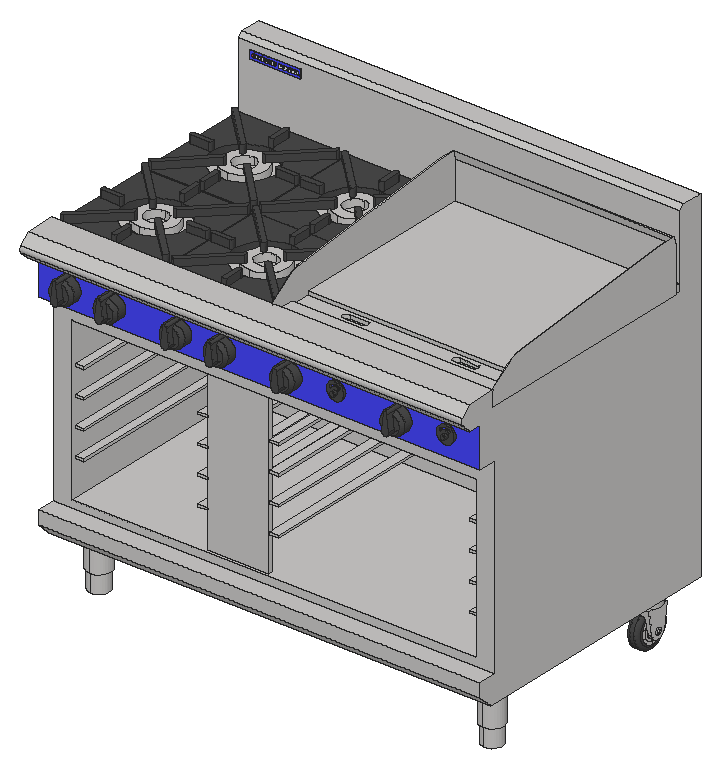
Revit family "QF_MOFFAT_BLUESEAL_CE_G518B-CB", category Specialty Equipment, Revit 2012
Parameters
  Weight in Pounds = 435  # constant formula
  URL Cutsheet = "www.moffat.com"
  URL = "www.moffat.com"
  Type Mark [instance] = ""
  Status [instance] = ""
  Specification by User [instance] = ""
  Specification by Manufacturer = ""
  Show Logo [instance] = yes
  Show Casters [instance] = yes
  Serial Number = ""
  Seismic Rating = ""
  SMACNA No = ""
  Revision Code [instance] = ""
  Omniclass Number and Title = ""
  NAFEM Spec ID Number = ""
  Model = "G518B-CB"
  Mechanical Remarks [instance] = ""
  Mechanical Connection Type [instance] = ""
  Masterspec = ""
  Manufacturer = "MOFFAT BLUESEAL"
  Legs [instance] = not(Show Casters)  # no
  Item Number [instance] = ""
  Installed By [instance] = ""
  Identify Quantity as Lot [instance] = yes
  Gas Size = 3/4"
  Gas RI Height [instance] = 0.0 mm
  Gas KW [instance] = 40
  Gas Input [instance] = 137000.0 Btu/h
  Gas Connection Height = 0.0 mm
  Furnished By [instance] = ""
  Foodservice Equipment Identifier [instance] = yes
  Description = "1200MM GAS COOK TOP ON CABINET BASE"
  CSI MasterFormat = ""
  CSI Master Format = ""
  Body Height [instance] = 915.0 mm
  Base Height [instance] = 150.0 mm
Reference planes
  plane 1 "BACK": y = 0
  plane 2: z = 0
  plane 3 "LEFT": x = 0
  plane 4 "RIGHT": x = 1200
  plane 5 "FRONT": y = -812
  plane 6 "TOP": z = 970
  plane 7 "Center Y": x = 600
  plane 8 "Center X": y = -406
  plane 9 "Base Height": z = 150
  plane 10: x = 1134
  plane 11: x = 65
  plane 12: z = 915
  plane 13: z = 1085
  plane 14: y = -100
  plane 15: y = -625
Forms (mm)
  Extrusion 1, solid, material "QF_Finishes_Stainless Steel"
    sketch origin (0, 0, 0) x (0, 1, 0) y (0, 0, 1)
      loop
        line (0, 150) -> (0, 1085) -> (-57.5, 1085) -> (-70, 1072.5) -> (-70, 875) -> (-705, 875) -> (-705, 915) -> (-783.97, 915) -> (-808.485, 890.485)
        arc (-808.485, 890.485) -> (-811.999, 882) -> (-808.485, 873.515) r 12
        line (-808.485, 873.515) -> (-784.97, 850) -> (-749, 850) -> (-749, 740) -> (-135.7, 740) -> (-135.7, 150) -> (0, 150)
      loop
        line (-699, 222.5) -> (-749, 222.5) -> (-749, 186) -> (-713, 150) -> (-699, 150) -> (-699, 222.5)
    from 0 to 1200
  Extrusion 2, solid, material "QF_Finishes_Stainless Steel"
    sketch origin (705, 3, 100) x (1, 0, 0) y (0, 1, 0)
      loop
        circle (365, -35) r 13.5
    from 555 to 599.856
  Revolve 3, solid, material "QF_Finishes_Black"
    sketch origin (89.999, 7, 759.972) x (0, 1, 0) y (0, 0, -1)
      loop
        line (-789, -69.5) -> (-766, -69.5) -> (-766, -42) -> (-756, -42) -> (-756, -37) -> (-800, -37) -> (-800, -63.651) -> (-789, -69.5)
      axis (-800, -37) -> (-756, -37)
    angle from 0 to 360
  Extrusion 4, solid, material "QF_Finishes_Black"
    sketch origin (228.269, 0, 760.13) x (-1, 0, 0) y (0, 0, -1)
      loop
        line (127.85, -26.064) -> (133.27, -68.983)
        arc (133.27, -68.983) -> (138.269, -73.87) -> (143.267, -68.983) r 5
        line (143.267, -68.983) -> (148.756, -24.898)
        arc (148.756, -24.898) -> (137.684, -14.399) -> (127.85, -26.064) r 10.487
    from 759 to 808
  Revolve 5, solid, material "QF_Finishes_Stainless Steel"
    sketch origin (65, -728, 0) x (0, 1, 0) y (0, 0, 1)
      loop
        line (71.25, 150) -> (71.25, 50) -> (75.5, 50) -> (75.5, 0) -> (103, 0) -> (103, 150) -> (71.25, 150)
      axis (103, 150) -> (103, 0)
    angle from 0 to 360
  Revolve 6, solid, material "QF_Finishes_Stainless Steel"
    sketch origin (1134, -728, 0) x (0, 1, 0) y (0, 0, -1)
      loop
        line (71.25, -150) -> (103, -150) -> (103, 0) -> (75.5, 0) -> (75.5, -50) -> (71.25, -50) -> (71.25, -150)
      axis (103, -150) -> (103, 0)
    angle from 0 to 360
  Extrusion 7, solid, material "QF_Finishes_Stainless Steel"
    sketch origin (0, 0, 0) x (1, 0, 0) y (0, 0, 1)
      loop
        line (0, 740) -> (0, 150) -> (1200, 150) -> (1200, 740) -> (0, 740)
      loop
        line (50, 680) -> (50, 242.5) -> (1150, 242.5) -> (1150, 680) -> (50, 680)
    from 135.7 to 699
  Extrusion 8, void
    sketch origin (0, 0, 150) x (-1, 0, 0) y (0, -1, 0)
      loop
        line (-1133.988, 87.26) -> (-1133.988, -30.24) -> (-1004.488, -30.24) -> (-1004.488, 38.76) -> (-1052.988, 87.26) -> (-1133.988, 87.26)
    from 72.5 to 549.856
  Extrusion 9, solid, material "QF_Finishes_Stainless Steel"
    sketch origin (0, -135.7, 735) x (0, 0, 1) y (-1, 0, 0)
      loop
        line (-50, -578.5) -> (-50, -412.5) -> (-492.5, -412.5) -> (-492.5, -578.5) -> (-50, -578.5)
    from 543.302 to 553.302
  Extrusion 10, solid, material "QF_Finishes_Stainless Steel"
    sketch origin (0, -135.7, 735) x (0, 0, 1) y (-1, 0, 0)
      loop
        line (-246.25, -410.75) -> (-239.9, -410.75) -> (-239.9, -385.75) -> (-246.25, -385.75) -> (-246.25, -410.75)
      loop
        line (-321.25, -410.75) -> (-314.9, -410.75) -> (-314.9, -385.75) -> (-321.25, -385.75) -> (-321.25, -410.75)
      loop
        line (-321.25, -50) -> (-321.25, -75) -> (-314.9, -75) -> (-314.9, -50) -> (-321.25, -50)
      loop
        line (-239.9, -75) -> (-239.9, -50) -> (-246.25, -50) -> (-246.25, -75) -> (-239.9, -75)
      loop
        line (-396.25, -410.75) -> (-389.9, -410.75) -> (-389.9, -385.75) -> (-396.25, -385.75) -> (-396.25, -410.75)
      loop
        line (-396.25, -50) -> (-396.25, -75) -> (-389.9, -75) -> (-389.9, -50) -> (-396.25, -50)
      loop
        line (-171.25, -410.75) -> (-164.9, -410.75) -> (-164.9, -385.75) -> (-171.25, -385.75) -> (-171.25, -410.75)
      loop
        line (-164.9, -75) -> (-164.9, -50) -> (-171.25, -50) -> (-171.25, -75) -> (-164.9, -75)
      loop
        line (-246.25, -579.25) -> (-246.25, -604.25) -> (-239.9, -604.25) -> (-239.9, -579.25) -> (-246.25, -579.25)
      loop
        line (-321.25, -579.25) -> (-321.25, -604.25) -> (-314.9, -604.25) -> (-314.9, -579.25) -> (-321.25, -579.25)
      loop
        line (-321.25, -1150) -> (-314.9, -1150) -> (-314.9, -1125) -> (-321.25, -1125) -> (-321.25, -1150)
      loop
        line (-239.9, -1125) -> (-246.25, -1125) -> (-246.25, -1150) -> (-239.9, -1150) -> (-239.9, -1125)
      loop
        line (-396.25, -579.25) -> (-396.25, -604.25) -> (-389.9, -604.25) -> (-389.9, -579.25) -> (-396.25, -579.25)
      loop
        line (-396.25, -1150) -> (-389.9, -1150) -> (-389.9, -1125) -> (-396.25, -1125) -> (-396.25, -1150)
      loop
        line (-171.25, -579.25) -> (-171.25, -604.25) -> (-164.9, -604.25) -> (-164.9, -579.25) -> (-171.25, -579.25)
      loop
        line (-164.9, -1125) -> (-171.25, -1125) -> (-171.25, -1150) -> (-164.9, -1150) -> (-164.9, -1125)
    from 0 to 553.302
  Revolve 11, solid, material "QF_Finishes_Black"
    sketch origin (510.001, 7, 760.028) x (0, 1, 0) y (0, 0, -1)
      loop
        line (-789, -69.5) -> (-766, -69.5) -> (-766, -42) -> (-756, -42) -> (-756, -37) -> (-800, -37) -> (-800, -63.651) -> (-789, -69.5)
      axis (-800, -37) -> (-756, -37)
    angle from 0 to 360
  Extrusion 12, solid, material "QF_Finishes_Black"
    sketch origin (648.27, 0, 760.186) x (-1, 0, 0) y (0, 0, -1)
      loop
        line (127.85, -26.064) -> (133.27, -68.983)
        arc (133.27, -68.983) -> (138.269, -73.87) -> (143.267, -68.983) r 5
        line (143.267, -68.983) -> (148.756, -24.898)
        arc (148.756, -24.898) -> (137.684, -14.399) -> (127.85, -26.064) r 10.487
    from 759 to 808
  Revolve 13, solid, material "QF_Finishes_Black"
    sketch origin (390, 7, 760) x (0, 1, 0) y (0, 0, -1)
      loop
        line (-789, -69.5) -> (-766, -69.5) -> (-766, -42) -> (-756, -42) -> (-756, -37) -> (-800, -37) -> (-800, -63.651) -> (-789, -69.5)
      axis (-800, -37) -> (-756, -37)
    angle from 0 to 360
  Extrusion 14, solid, material "QF_Finishes_Black"
    sketch origin (528.27, 0, 760.158) x (-1, 0, 0) y (0, 0, -1)
      loop
        line (127.85, -26.064) -> (133.27, -68.983)
        arc (133.27, -68.983) -> (138.269, -73.87) -> (143.267, -68.983) r 5
        line (143.267, -68.983) -> (148.756, -24.898)
        arc (148.756, -24.898) -> (137.684, -14.399) -> (127.85, -26.064) r 10.487
    from 759 to 808
  Revolve 15, solid, material "QF_Finishes_Black"
    sketch origin (690, 7, 760) x (0, 1, 0) y (0, 0, -1)
      loop
        line (-789, -69.5) -> (-766, -69.5) -> (-766, -42) -> (-756, -42) -> (-756, -37) -> (-800, -37) -> (-800, -63.651) -> (-789, -69.5)
      axis (-800, -37) -> (-756, -37)
    angle from 0 to 360
  Extrusion 16, solid, material "QF_Finishes_Black"
    sketch origin (828.27, 0, 760.158) x (-1, 0, 0) y (0, 0, -1)
      loop
        line (127.85, -26.064) -> (133.27, -68.983)
        arc (133.27, -68.983) -> (138.269, -73.87) -> (143.267, -68.983) r 5
        line (143.267, -68.983) -> (148.756, -24.898)
        arc (148.756, -24.898) -> (137.684, -14.399) -> (127.85, -26.064) r 10.487
    from 759 to 808
  Revolve 17, solid, material "QF_Finishes_Black"
    sketch origin (990, 7, 760) x (0, 1, 0) y (0, 0, -1)
      loop
        line (-789, -69.5) -> (-766, -69.5) -> (-766, -42) -> (-756, -42) -> (-756, -37) -> (-800, -37) -> (-800, -63.651) -> (-789, -69.5)
      axis (-800, -37) -> (-756, -37)
    angle from 0 to 360
  Extrusion 18, solid, material "QF_Finishes_Black"
    sketch origin (1128.27, 0, 760.158) x (-1, 0, 0) y (0, 0, -1)
      loop
        line (127.85, -26.064) -> (133.27, -68.983)
        arc (133.27, -68.983) -> (138.269, -73.87) -> (143.267, -68.983) r 5
        line (143.267, -68.983) -> (148.756, -24.898)
        arc (148.756, -24.898) -> (137.684, -14.399) -> (127.85, -26.064) r 10.487
    from 759 to 808
  Revolve 19, solid, material "QF_Finishes_Stainless Steel", visible <- "Legs"
    sketch origin (65.5, -166, 0) x (0, 1, 0) y (0, 0, 1)
      loop
        line (34.25, 150) -> (34.25, 50) -> (38.5, 50) -> (38.5, 0) -> (66, 0) -> (66, 150) -> (34.25, 150)
      axis (66, 150) -> (66, 0)
    angle from 0 to 360
  Revolve 20, solid, material "QF_Finishes_Stainless Steel", visible <- "Show Casters"
    sketch origin (16.276, -100.755, -12.8) x (1, 0, 0) y (0, 0, 1)
      loop
        line (14.841, 63.604) -> (83.584, 63.604) -> (83.584, 67.109) -> (82.314, 68.379) -> (80.79, 68.379) -> (80.79, 71.826) -> (68.644, 71.826) -> (68.644, 81.79) -> (65.088, 83.843) -> (63.738, 92.179) -> (65.881, 92.179) -> (65.881, 98.529) -> (65.088, 98.529) -> (65.088, 104.879)
        arc (65.088, 104.879) -> (62.298, 111.614) -> (55.563, 114.404) r 9.525
        line (55.563, 114.404) -> (42.863, 114.404)
        arc (42.863, 114.404) -> (36.127, 111.614) -> (33.338, 104.879) r 9.525
        line (33.338, 104.879) -> (33.338, 98.529) -> (32.544, 98.529) -> (32.544, 92.179) -> (34.687, 92.179) -> (33.352, 83.932) -> (29.782, 81.871) -> (29.782, 71.826) -> (17.635, 71.826) -> (17.635, 68.379) -> (16.111, 68.379) -> (14.841, 67.109) -> (14.841, 63.604)
      axis (14.841, 63.604) -> (83.584, 63.604)
    angle from 0 to 360
  Extrusion 21, solid, material "QF_Finishes_Stainless Steel", visible <- "Show Casters"
    sketch origin (72.001, 132.353, -8.783) x (0, 1, 0) y (0, 0, 1)
      loop
        line (-200.603, 118.783) -> (-264.103, 118.783) -> (-251.746, 53.895)
        arc (-251.746, 53.895) -> (-232.353, 38.783) -> (-212.959, 53.895) r 20
        line (-212.959, 53.895) -> (-200.603, 118.783)
    from -35.667 to 22.923
  Revolve 22, solid, material "QF_Finishes_Stainless Steel", visible <- "Show Casters"
    sketch origin (65.5, -204, 0) x (0, 1, 0) y (0, 0, 1)
      loop
        line (68.25, 150) -> (68.25, 110) -> (104, 110) -> (104, 150) -> (68.25, 150)
      axis (104, 150) -> (104, 110)
    angle from 0 to 360
  Revolve 23, solid, material "QF_Finishes_Stainless Steel", visible <- "Legs"
    sketch origin (65.5, -166, 0) x (0, 1, 0) y (0, 0, 1)
      loop
        line (34.25, 150) -> (34.25, 50) -> (38.5, 50) -> (38.5, 0) -> (66, 0) -> (66, 150) -> (34.25, 150)
      axis (66, 150) -> (66, 0)
    angle from 0 to 360
  Revolve 24, solid, material "QF_Finishes_Stainless Steel", visible <- "Legs"
    sketch origin (1134.5, -166, 0) x (0, 1, 0) y (0, 0, -1)
      loop
        line (34.25, -150) -> (66, -150) -> (66, 0) -> (38.5, 0) -> (38.5, -50) -> (34.25, -50) -> (34.25, -150)
      axis (66, -150) -> (66, 0)
    angle from 0 to 360
  Revolve 25, solid, material "QF_Finishes_Stainless Steel", visible <- "Show Casters"
    sketch origin (1183.724, -100.755, -12.8) x (-1, 0, 0) y (0, 0, -1)
      loop
        line (14.841, -63.604) -> (14.841, -67.109) -> (16.111, -68.379) -> (17.635, -68.379) -> (17.635, -71.826) -> (29.782, -71.826) -> (29.782, -81.871) -> (33.352, -83.932) -> (34.687, -92.179) -> (32.544, -92.179) -> (32.544, -98.529) -> (33.338, -98.529) -> (33.338, -104.879)
        arc (33.338, -104.879) -> (36.127, -111.614) -> (42.863, -114.404) r 9.525
        line (42.863, -114.404) -> (55.563, -114.404)
        arc (55.563, -114.404) -> (62.298, -111.614) -> (65.088, -104.879) r 9.525
        line (65.088, -104.879) -> (65.088, -98.529) -> (65.881, -98.529) -> (65.881, -92.179) -> (63.738, -92.179) -> (65.088, -83.843) -> (68.644, -81.79) -> (68.644, -71.826) -> (80.79, -71.826) -> (80.79, -68.379) -> (82.314, -68.379) -> (83.584, -67.109) -> (83.584, -63.604) -> (14.841, -63.604)
      axis (14.841, -63.604) -> (83.584, -63.604)
    angle from 0 to 360
  Extrusion 26, solid, material "QF_Finishes_Stainless Steel", visible <- "Show Casters"
    sketch origin (1127.999, 132.353, -8.783) x (0, 1, 0) y (0, 0, -1)
      loop
        line (-200.603, -118.783) -> (-212.959, -53.895)
        arc (-212.959, -53.895) -> (-232.353, -38.783) -> (-251.746, -53.895) r 20
        line (-251.746, -53.895) -> (-264.103, -118.783) -> (-200.603, -118.783)
    from -35.667 to 22.923
  Revolve 27, solid, material "QF_Finishes_Stainless Steel", visible <- "Show Casters"
    sketch origin (1134.5, -204, 0) x (0, 1, 0) y (0, 0, -1)
      loop
        line (68.25, -150) -> (104, -150) -> (104, -110) -> (68.25, -110) -> (68.25, -150)
      axis (104, -150) -> (104, -110)
    angle from 0 to 360
  Revolve 28, solid, material "QF_Finishes_Stainless Steel", visible <- "Legs"
    sketch origin (1134.5, -166, 0) x (0, 1, 0) y (0, 0, -1)
      loop
        line (34.25, -150) -> (66, -150) -> (66, 0) -> (38.5, 0) -> (38.5, -50) -> (34.25, -50) -> (34.25, -150)
      axis (66, -150) -> (66, 0)
    angle from 0 to 360
  Extrusion 29, solid, material "QF_Finishes_Black"
    sketch origin (0, -749, 850) x (0, 0, -1) y (1, 0, 0)
      loop
        circle (53, 810) r 23.9
      loop
        circle (53, 1110) r 23.9
      loop
        arc (45.641, 1118.419) -> (46.501, 1123.219) -> (41.701, 1124.079) r 3.448
        arc (41.701, 1124.079) -> (35.116, 1109.341) -> (42.919, 1095.209) r 18.095
        arc (42.919, 1095.209) -> (47.641, 1096.491) -> (46.326, 1101.204) r 3.448
        arc (46.326, 1101.204) -> (42.758, 1109.683) -> (45.641, 1118.419) r 13.109
      loop
        arc (45.641, 818.419) -> (46.501, 823.219) -> (41.701, 824.079) r 3.448
        arc (41.701, 824.079) -> (35.116, 809.341) -> (42.919, 795.209) r 18.095
        arc (42.919, 795.209) -> (47.641, 796.491) -> (46.326, 801.204) r 3.448
        arc (46.326, 801.204) -> (42.758, 809.683) -> (45.641, 818.419) r 13.109
    from 0 to 5
  Extrusion 30, solid, material "QF_Finishes_Black"
    sketch origin (0, -754, 850) x (0, 0, -1) y (1, 0, 0)
      loop
        circle (56.5, 810) r 5.75
      loop
        circle (56.5, 1110) r 5.75
    from 0 to 10
  Revolve 31, solid, material "QF_Finishes_Black"
    sketch origin (210, 7, 760) x (0, 1, 0) y (0, 0, -1)
      loop
        line (-789, -69.5) -> (-766, -69.5) -> (-766, -42) -> (-756, -42) -> (-756, -37) -> (-800, -37) -> (-800, -63.651) -> (-789, -69.5)
      axis (-800, -37) -> (-756, -37)
    angle from 0 to 360
  Extrusion 32, solid, material "QF_Finishes_Black"
    sketch origin (348.27, 0, 760.158) x (-1, 0, 0) y (0, 0, -1)
      loop
        line (127.85, -26.064) -> (133.27, -68.983)
        arc (133.27, -68.983) -> (138.269, -73.87) -> (143.267, -68.983) r 5
        line (143.267, -68.983) -> (148.756, -24.898)
        arc (148.756, -24.898) -> (137.684, -14.399) -> (127.85, -26.064) r 10.487
    from 759 to 808
Cuts and joins
  Extrusion 8 cuts Extrusion 1
  joined: Extrusion 1, Extrusion 7
Lines and regions (mm)
  Split face 1
    outline origin (1200, 0, 1085) x (-1, 0, 0) y (0, -1, 0)
      loop
        arc (1167.206, 18.385) -> (1175.866, 23.385) -> (1175.866, 33.385) r 10
        line (1175.866, 33.385) -> (1171.824, 40.385)
        arc (1171.824, 40.385) -> (1168.164, 44.045) -> (1163.164, 45.385) r 10
        line (1163.164, 45.385) -> (935.206, 45.385)
        arc (935.206, 45.385) -> (926.545, 40.385) -> (926.545, 30.385) r 10
        line (926.545, 30.385) -> (930.587, 23.385)
        arc (930.587, 23.385) -> (934.247, 19.725) -> (939.247, 18.385) r 10
        line (939.247, 18.385) -> (1167.206, 18.385)
  Split face 2
    outline origin (1200, 0, 1085) x (-1, 0, 0) y (0, -1, 0)
      loop
        arc (35.206, 45.385) -> (26.545, 40.385) -> (26.545, 30.385) r 10
        line (26.545, 30.385) -> (30.587, 23.385)
        arc (30.587, 23.385) -> (34.247, 19.725) -> (39.247, 18.385) r 10
        line (39.247, 18.385) -> (267.206, 18.385)
        arc (267.206, 18.385) -> (275.866, 23.385) -> (275.866, 33.385) r 10
        line (275.866, 33.385) -> (271.824, 40.385)
        arc (271.824, 40.385) -> (268.164, 44.045) -> (263.164, 45.385) r 10
        line (263.164, 45.385) -> (35.206, 45.385)
  Split face 3
    outline origin (1200, 0, 1085) x (-1, 0, 0) y (0, -1, 0)
      loop
        arc (335.206, 45.385) -> (326.545, 40.385) -> (326.545, 30.385) r 10
        line (326.545, 30.385) -> (330.587, 23.385)
        arc (330.587, 23.385) -> (334.247, 19.725) -> (339.247, 18.385) r 10
        line (339.247, 18.385) -> (567.206, 18.385)
        arc (567.206, 18.385) -> (575.866, 23.385) -> (575.866, 33.385) r 10
        line (575.866, 33.385) -> (571.824, 40.385)
        arc (571.824, 40.385) -> (568.164, 44.045) -> (563.164, 45.385) r 10
        line (563.164, 45.385) -> (335.206, 45.385)
  Split face 4
    outline origin (1200, 0, 1085) x (-1, 0, 0) y (0, -1, 0)
      loop
        arc (867.206, 18.385) -> (875.866, 23.385) -> (875.866, 33.385) r 10
        line (875.866, 33.385) -> (871.824, 40.385)
        arc (871.824, 40.385) -> (868.164, 44.045) -> (863.164, 45.385) r 10
        line (863.164, 45.385) -> (635.206, 45.385)
        arc (635.206, 45.385) -> (626.545, 40.385) -> (626.545, 30.385) r 10
        line (626.545, 30.385) -> (630.587, 23.385)
        arc (630.587, 23.385) -> (634.247, 19.725) -> (639.247, 18.385) r 10
        line (639.247, 18.385) -> (867.206, 18.385)
  symbolic lines
    curve 1: line (1200, -812, 0) -> (1200, 0, 0)
    curve 2: line (0, -812, 0) -> (1200, -812, 0)
    curve 3: line (0, 0, 0) -> (0, -812, 0)
    curve 12: line (632.794, -18.385, 0) -> (860.753, -18.385, 0)
    curve 13: line (560.753, -18.385, 0) -> (332.794, -18.385, 0)
    curve 14: arc (332.794, -18.385, 0) -> (324.134, -23.385, 0) -> (324.134, -33.385, 0) r 10
    curve 15: line (324.134, -33.385, 0) -> (328.176, -40.385, 0)
    curve 16: arc (328.176, -40.385, 0) -> (331.836, -44.045, 0) -> (336.836, -45.385, 0) r 10
    curve 17: line (336.836, -45.385, 0) -> (564.794, -45.385, 0)
    curve 18: arc (564.794, -45.385, 0) -> (573.455, -40.385, 0) -> (573.455, -30.385, 0) r 10
    curve 19: line (573.455, -30.385, 0) -> (569.413, -23.385, 0)
    curve 20: arc (569.413, -23.385, 0) -> (565.753, -19.725, 0) -> (560.753, -18.385, 0) r 10
    curve 21: line (32.794, -18.385, 0) -> (260.753, -18.385, 0)
    curve 22: arc (260.753, -18.385, 0) -> (265.753, -19.725, 0) -> (269.413, -23.385, 0) r 10
    curve 23: line (269.413, -23.385, 0) -> (273.455, -30.385, 0)
    curve 24: arc (273.455, -30.385, 0) -> (273.455, -40.385, 0) -> (264.794, -45.385, 0) r 10
    curve 25: line (264.794, -45.385, 0) -> (36.836, -45.385, 0)
    curve 26: arc (36.836, -45.385, 0) -> (31.836, -44.045, 0) -> (28.176, -40.385, 0) r 10
    curve 27: line (28.176, -40.385, 0) -> (24.134, -33.385, 0)
    curve 28: arc (24.134, -33.385, 0) -> (24.134, -23.385, 0) -> (32.794, -18.385, 0) r 10
    curve 29: line (932.794, -18.385, 0) -> (1160.753, -18.385, 0)
    curve 30: arc (1160.753, -18.385, 0) -> (1165.753, -19.725, 0) -> (1169.413, -23.385, 0) r 10
    curve 31: line (1169.413, -23.385, 0) -> (1173.455, -30.385, 0)
    curve 32: arc (1173.455, -30.385, 0) -> (1173.455, -40.385, 0) -> (1164.794, -45.385, 0) r 10
    curve 33: line (1164.794, -45.385, 0) -> (936.836, -45.385, 0)
    curve 34: arc (936.836, -45.385, 0) -> (931.836, -44.045, 0) -> (928.176, -40.385, 0) r 10
    curve 35: line (928.176, -40.385, 0) -> (924.134, -33.385, 0)
    curve 36: arc (924.134, -33.385, 0) -> (924.134, -23.385, 0) -> (932.794, -18.385, 0) r 10
    curve 37: line (636.836, -45.385, 0) -> (864.794, -45.385, 0)
    curve 38: arc (864.794, -45.385, 0) -> (873.455, -40.385, 0) -> (873.455, -30.385, 0) r 10
    curve 39: line (873.455, -30.385, 0) -> (869.413, -23.385, 0)
    curve 40: arc (869.413, -23.385, 0) -> (865.753, -19.725, 0) -> (860.753, -18.385, 0) r 10
    curve 41: line (860.753, -18.385, 0) -> (632.794, -18.385, 0)
    curve 42: arc (632.794, -18.385, 0) -> (624.134, -23.385, 0) -> (624.134, -33.385, 0) r 10
    curve 43: line (624.134, -33.385, 0) -> (628.176, -40.385, 0)
    curve 44: arc (628.176, -40.385, 0) -> (631.836, -44.045, 0) -> (636.836, -45.385, 0) r 10
    curve 45: line (0, 0, 0) -> (1200, 0, 0)
    curve 46: line (0, -783.97, 0) -> (1200, -783.97, 0)
    curve 47: line (-1, -705, 0) -> (1199, -705, 0)
    curve 48: line (0, -70, 0) -> (1200, -70, 0)
    curve 49: line (0, -57.5, 0) -> (1200, -57.5, 0)
  symbolic lines, style "SpecialityEquipmentHiddenLines", visible <- "Show Casters"
    curve 4: line (78.456, -46.735, 0) -> (105.952, -62.61, 0)
    curve 5: line (27.656, -134.723, 0) -> (78.456, -46.735, 0)
    curve 6: line (55.152, -150.598, 0) -> (27.656, -134.723, 0)
    curve 7: line (105.952, -62.61, 0) -> (55.152, -150.598, 0)
    curve 8: line (1148.456, -46.735, 0) -> (1175.952, -62.61, 0)
    curve 9: line (1097.656, -134.723, 0) -> (1148.456, -46.735, 0)
    curve 10: line (1125.152, -150.598, 0) -> (1097.656, -134.723, 0)
    curve 11: line (1175.952, -62.61, 0) -> (1125.152, -150.598, 0)
Dimensions and locks
  equal spacing: plane 3 "LEFT", plane 7 "Center Y", plane 4 "RIGHT"
  plane 3 "LEFT" to plane 4 "RIGHT" = 1200.0 mm
  equal spacing: plane 5 "FRONT", plane 8 "Center X", plane 1 "BACK"
  plane 5 "FRONT" to plane 1 "BACK" = 812.0 mm
  "Base Height": plane 9 "Base Height" to level
  plane 6 "TOP" to level = 970.0 mm
  plane 10 to plane 11 = 1069.0 mm
  level to Extrusion 2 = 655.0 mm
  Extrusion 8 to Extrusion 8 = 477.356 mm
  plane 13 to plane 2 = 1085.0 mm
  Extrusion 2 sketch curve to plane 1 "BACK" = 32.0 mm
  Revolve 20 sketch curve to Revolve 20 sketch curve = 50.8 mm
  Revolve 25 sketch curve to Revolve 25 sketch curve = 50.8 mm
  aligned and locked: level to plane 2
Automatic sketch dimensions
  curve 2 to plane 3 "LEFT" = 0.0 mm
  curve 2 to plane 4 "RIGHT" = 0.0 mm
  plane 5 "FRONT" to curve 3 = 0.0 mm
  plane 1 "BACK" to curve 3 = 0.0 mm
  curve 47 to plane 3 "LEFT" = 1.0 mm
  plane 3 "LEFT" to curve 27 = 24.134 mm
  plane 3 "LEFT" to curve 5 = 27.656 mm
  curve 28 to curve 27 = 4.041 mm
  curve 28 to curve 28 = 8.66 mm
  curve 26 to curve 25 = 8.66 mm
  curve 7 to plane 11 = 9.848 mm
  plane 11 to curve 4 = 13.456 mm
  plane 1 "BACK" to curve 22 = 28.385 mm
  curve 4 to curve 22 = 154.801 mm
  curve 22 to curve 25 = 4.041 mm
  plane 1 "BACK" to curve 23 = 23.385 mm
  curve 22 to curve 23 = 8.66 mm
  plane 1 "BACK" to curve 23 = 30.385 mm
  curve 22 to curve 23 = 4.041 mm
  curve 23 to curve 14 = 50.679 mm
  plane 1 "BACK" to curve 15 = 40.385 mm
  curve 15 to curve 15 = 4.041 mm
  curve 14 to curve 13 = 8.66 mm
  curve 15 to curve 17 = 8.66 mm
  curve 20 to plane 7 "Center Y" = 39.247 mm
  curve 20 to curve 17 = 4.041 mm
  curve 20 to curve 19 = 8.66 mm
  curve 19 to curve 18 = 4.041 mm
  plane 7 "Center Y" to curve 42 = 24.134 mm
  curve 42 to curve 44 = 4.041 mm
  curve 42 to curve 42 = 8.66 mm
  curve 44 to curve 37 = 8.66 mm
  plane 1 "BACK" to curve 40 = 18.385 mm
  curve 44 to curve 40 = 223.917 mm
  curve 40 to curve 38 = 4.041 mm
  curve 40 to curve 40 = 8.66 mm
  curve 39 to curve 38 = 4.041 mm
  plane 1 "BACK" to curve 35 = 33.385 mm
  curve 39 to curve 35 = 50.679 mm
  plane 1 "BACK" to curve 35 = 40.385 mm
  curve 36 to curve 35 = 4.041 mm
  curve 36 to curve 36 = 8.66 mm
  curve 36 to curve 34 = 4.041 mm
  curve 10 to plane 10 = 36.344 mm
  curve 11 to plane 10 = 8.848 mm
  plane 10 to curve 8 = 14.456 mm
  plane 10 to curve 29 = 26.753 mm
  curve 8 to curve 33 = 16.339 mm
  curve 29 to curve 30 = 8.66 mm
  curve 31 to curve 31 = 4.041 mm
  plane 4 "RIGHT" to curve 47 = 1.0 mm
  curve 46 to plane 5 "FRONT" = 28.03 mm
  curve 46 to curve 47 = 78.97 mm
  plane 14 to curve 7 = 50.598 mm
  plane 14 to curve 10 = 50.598 mm
  curve 10 to curve 10 = 15.875 mm
  curve 6 to curve 5 = 15.875 mm
  curve 48 to plane 14 = 30.0 mm
  curve 48 to curve 49 = 12.5 mm
  curve 37 to curve 12 = 27.0 mm
  curve 25 to curve 21 = 27.0 mm
  curve 16 to curve 15 = 5.0 mm
  curve 34 to curve 34 = 5.0 mm
  curve 25 to curve 27 = 5.0 mm
  curve 37 to curve 44 = 5.0 mm
  curve 33 to curve 32 = 10.0 mm
  curve 17 to curve 18 = 10.0 mm
  curve 37 to curve 38 = 10.0 mm
  curve 27 to curve 27 = 7.0 mm
  curve 16 to curve 14 = 7.0 mm  (x2)
  curve 43 to curve 43 = 7.0 mm
  curve 38 to curve 40 = 7.0 mm
  curve 18 to curve 20 = 7.0 mm
  curve 34 to curve 36 = 7.0 mm
  curve 32 to curve 30 = 7.0 mm
  Extrusion 1 sketch curve to plane 12 = 0.0 mm
  Extrusion 1 sketch curve to plane 9 "Base Height" = 0.0 mm  (x2)
  Extrusion 1 sketch curve to plane 13 = 0.0 mm
  Extrusion 1 sketch curve to plane 1 "BACK" = 0.0 mm
  Extrusion 1 sketch curve to plane 14 = 42.5 mm
  Extrusion 1 sketch curve to plane 13 = 12.5 mm
  Extrusion 1 sketch curve to Extrusion 1 sketch curve = 12.5 mm
  plane 14 to Extrusion 1 sketch curve = 35.7 mm
  plane 15 to Extrusion 1 sketch curve = 74.0 mm
  Extrusion 1 sketch curve to plane 12 = 40.0 mm
  plane 15 to Extrusion 1 sketch curve = 80.0 mm
  Extrusion 1 sketch curve to Extrusion 1 sketch curve = 14.0 mm
  Extrusion 1 sketch curve to plane 5 "FRONT" = 63.0 mm
  Extrusion 1 sketch curve to Extrusion 1 sketch curve = 50.0 mm
  Extrusion 1 sketch curve to plane 5 "FRONT" = 28.03 mm
  Extrusion 1 sketch curve to plane 5 "FRONT" = 27.03 mm
  Extrusion 1 sketch curve to plane 5 "FRONT" = 12.001 mm
  Extrusion 1 sketch curve to plane 5 "FRONT" = 3.515 mm  (x2)
  plane 9 "Base Height" to Extrusion 1 sketch curve = 36.0 mm
  Extrusion 1 sketch curve to Extrusion 1 sketch curve = 36.5 mm
  Extrusion 1 sketch curve to Extrusion 1 sketch curve = 135.0 mm
  Extrusion 1 sketch curve to Extrusion 1 sketch curve = 25.0 mm
  Extrusion 1 sketch curve to Extrusion 1 sketch curve = 23.515 mm
  Extrusion 1 sketch curve to Extrusion 1 sketch curve = 8.485 mm
  Extrusion 2 sketch curve to plane 10 = 64.0 mm
  Revolve 3 sketch curve to plane 5 "FRONT" = 19.0 mm
  Revolve 3 sketch curve to Revolve 3 sketch curve = 0.0 mm  (x2)
  Revolve 3 sketch curve to Revolve 3 sketch curve = 11.0 mm
  Revolve 3 sketch curve to Revolve 3 sketch curve = 12.7 mm
  Revolve 3 sketch curve to Revolve 3 sketch curve = 23.0 mm
  Revolve 3 sketch curve to Revolve 3 sketch curve = 10.0 mm
  Revolve 3 sketch curve to plane 12 = 85.528 mm
  Revolve 3 sketch curve to Revolve 3 sketch curve = 5.849 mm
  Revolve 3 sketch curve to Revolve 3 sketch curve = 27.5 mm
  Revolve 3 sketch curve to Revolve 3 sketch curve = 5.0 mm
  plane 11 to Extrusion 4 sketch curve = 35.419 mm
  plane 11 to Extrusion 4 sketch curve = 29.999 mm
  Extrusion 4 sketch curve to Extrusion 4 sketch curve = 10.419 mm
  Extrusion 4 sketch curve to Extrusion 4 sketch curve = 4.999 mm  (x2)
  Extrusion 4 sketch curve to Extrusion 4 sketch curve = 10.487 mm
  Extrusion 4 sketch curve to plane 12 = 85.887 mm
  Extrusion 4 sketch curve to Extrusion 4 sketch curve = 0.113 mm
  Extrusion 4 sketch curve to Extrusion 4 sketch curve = 42.919 mm
  Extrusion 4 sketch curve to Extrusion 4 sketch curve = 1.167 mm
  Revolve 5 sketch curve to plane 9 "Base Height" = 0.0 mm
  Revolve 5 sketch curve to level = 0.0 mm
  Revolve 5 sketch curve to plane 15 = 0.0 mm  (x2)
  plane 15 to Revolve 5 sketch curve = 27.5 mm
  plane 15 to Revolve 5 sketch curve = 31.75 mm
  Revolve 5 sketch curve to Revolve 5 sketch curve = 55.0 mm
  level to Revolve 5 sketch curve = 50.0 mm
  Revolve 5 sketch curve to Revolve 5 sketch curve = 0.0 mm
  Revolve 6 sketch curve to plane 9 "Base Height" = 0.0 mm
  Revolve 6 sketch curve to level = 0.0 mm
  Revolve 6 sketch curve to plane 15 = 0.0 mm  (x2)
  plane 15 to Revolve 6 sketch curve = 27.5 mm
  plane 15 to Revolve 6 sketch curve = 31.75 mm
  level to Revolve 6 sketch curve = 50.0 mm
  Revolve 6 sketch curve to Revolve 6 sketch curve = 0.0 mm
  Revolve 6 sketch curve to Revolve 6 sketch curve = 55.0 mm
  Extrusion 7 sketch curve to plane 3 "LEFT" = 0.0 mm
  plane 4 "RIGHT" to Extrusion 7 sketch curve = 0.0 mm
  Extrusion 7 sketch curve to plane 9 "Base Height" = 0.0 mm
  Extrusion 7 sketch curve to plane 11 = 15.0 mm
  plane 10 to Extrusion 7 sketch curve = 16.0 mm
  plane 9 "Base Height" to Extrusion 7 sketch curve = 92.5 mm
  Extrusion 7 sketch curve to plane 12 = 235.0 mm
  Extrusion 7 sketch curve to Extrusion 7 sketch curve = 60.0 mm
  Extrusion 8 sketch curve to plane 10 = 0.012 mm
  Extrusion 8 sketch curve to plane 14 = 12.74 mm
  Extrusion 8 sketch curve to Extrusion 8 sketch curve = 81.0 mm
  Extrusion 8 sketch curve to Extrusion 8 sketch curve = 48.5 mm
  plane 1 "BACK" to Extrusion 8 sketch curve = 38.76 mm
  Extrusion 8 sketch curve to plane 1 "BACK" = 30.24 mm
  Extrusion 9 sketch curve to Extrusion 1 = 92.5 mm
  Extrusion 1 to Extrusion 9 sketch curve = 55.0 mm
  Extrusion 1 to Extrusion 9 sketch curve = 578.5 mm
  Extrusion 9 sketch curve to Extrusion 9 sketch curve = 166.0 mm
  Extrusion 1 to Extrusion 10 sketch curve = 75.0 mm  (x2)
  Extrusion 10 sketch curve to Extrusion 1 = 188.75 mm  (x3)
  Extrusion 10 sketch curve to Extrusion 10 sketch curve = 0.0 mm  (x9)
  Extrusion 1 to Extrusion 10 sketch curve = 50.0 mm  (x4)
  Extrusion 10 sketch curve to Extrusion 10 sketch curve = 6.35 mm  (x16)
  Extrusion 10 sketch curve to Extrusion 10 sketch curve = 68.65 mm  (x12)
  Extrusion 10 sketch curve to Extrusion 10 sketch curve = 25.0 mm  (x16)
  Extrusion 10 sketch curve to Extrusion 10 sketch curve = 520.75 mm
  Extrusion 10 sketch curve to Extrusion 10 sketch curve = 168.5 mm
  Revolve 11 sketch curve to plane 5 "FRONT" = 19.0 mm
  Revolve 11 sketch curve to Revolve 11 sketch curve = 0.0 mm  (x2)
  Revolve 11 sketch curve to Revolve 11 sketch curve = 11.0 mm
  Revolve 11 sketch curve to Revolve 11 sketch curve = 12.7 mm
  Revolve 11 sketch curve to Revolve 11 sketch curve = 23.0 mm
  Revolve 11 sketch curve to Revolve 11 sketch curve = 10.0 mm
  Revolve 11 sketch curve to plane 12 = 85.472 mm
  Revolve 11 sketch curve to Revolve 11 sketch curve = 5.849 mm
  Revolve 11 sketch curve to Revolve 11 sketch curve = 27.5 mm
  Revolve 11 sketch curve to Revolve 11 sketch curve = 5.0 mm
  Extrusion 12 sketch curve to plane 7 "Center Y" = 79.579 mm
  Extrusion 12 sketch curve to Extrusion 12 sketch curve = 5.421 mm
  Extrusion 12 sketch curve to Extrusion 12 sketch curve = 10.419 mm
  Extrusion 12 sketch curve to Extrusion 12 sketch curve = 4.999 mm  (x2)
  Extrusion 12 sketch curve to plane 12 = 85.831 mm
  Extrusion 12 sketch curve to Extrusion 12 sketch curve = 10.487 mm
  Extrusion 12 sketch curve to Extrusion 12 sketch curve = 0.113 mm
  Extrusion 12 sketch curve to Extrusion 12 sketch curve = 42.919 mm
  Extrusion 12 sketch curve to Extrusion 12 sketch curve = 1.167 mm
  Revolve 13 sketch curve to plane 5 "FRONT" = 19.0 mm
  Revolve 13 sketch curve to Revolve 13 sketch curve = 0.0 mm  (x2)
  Revolve 13 sketch curve to Revolve 13 sketch curve = 11.0 mm
  Revolve 13 sketch curve to Revolve 13 sketch curve = 12.7 mm
  Revolve 13 sketch curve to Revolve 13 sketch curve = 23.0 mm
  Revolve 13 sketch curve to Revolve 13 sketch curve = 10.0 mm
  Revolve 13 sketch curve to plane 12 = 85.5 mm
  Revolve 13 sketch curve to Revolve 13 sketch curve = 5.849 mm
  Revolve 13 sketch curve to Revolve 13 sketch curve = 27.5 mm
  Revolve 13 sketch curve to Revolve 13 sketch curve = 5.0 mm
  Extrusion 14 sketch curve to plane 7 "Center Y" = 199.58 mm
  Extrusion 14 sketch curve to Extrusion 14 sketch curve = 5.421 mm
  Extrusion 14 sketch curve to Extrusion 14 sketch curve = 10.419 mm
  Extrusion 14 sketch curve to Extrusion 14 sketch curve = 4.999 mm  (x2)
  Extrusion 14 sketch curve to plane 12 = 85.859 mm
  Extrusion 14 sketch curve to Extrusion 14 sketch curve = 10.487 mm
  Extrusion 14 sketch curve to Extrusion 14 sketch curve = 0.113 mm
  Extrusion 14 sketch curve to Extrusion 14 sketch curve = 42.919 mm
  Extrusion 14 sketch curve to Extrusion 14 sketch curve = 1.167 mm
  Revolve 15 sketch curve to plane 5 "FRONT" = 19.0 mm
  Revolve 15 sketch curve to Revolve 15 sketch curve = 0.0 mm  (x2)
  Revolve 15 sketch curve to Revolve 15 sketch curve = 11.0 mm
  Revolve 15 sketch curve to Revolve 15 sketch curve = 12.7 mm
  Revolve 15 sketch curve to Revolve 15 sketch curve = 23.0 mm
  Revolve 15 sketch curve to Revolve 15 sketch curve = 10.0 mm
  Revolve 15 sketch curve to plane 12 = 85.5 mm
  Revolve 15 sketch curve to Revolve 15 sketch curve = 5.849 mm
  Revolve 15 sketch curve to Revolve 15 sketch curve = 27.5 mm
  Revolve 15 sketch curve to Revolve 15 sketch curve = 5.0 mm
  plane 7 "Center Y" to Extrusion 16 sketch curve = 100.42 mm
  Extrusion 16 sketch curve to Extrusion 16 sketch curve = 5.421 mm
  Extrusion 16 sketch curve to Extrusion 16 sketch curve = 10.419 mm
  Extrusion 16 sketch curve to Extrusion 16 sketch curve = 4.999 mm  (x2)
  Extrusion 16 sketch curve to Extrusion 16 sketch curve = 10.487 mm
  Extrusion 16 sketch curve to plane 12 = 85.859 mm
  Extrusion 16 sketch curve to Extrusion 16 sketch curve = 0.113 mm
  Extrusion 16 sketch curve to Extrusion 16 sketch curve = 42.919 mm
  Extrusion 16 sketch curve to Extrusion 16 sketch curve = 1.167 mm
  Revolve 17 sketch curve to plane 5 "FRONT" = 19.0 mm
  Revolve 17 sketch curve to Revolve 17 sketch curve = 0.0 mm  (x2)
  Revolve 17 sketch curve to Revolve 17 sketch curve = 11.0 mm
  Revolve 17 sketch curve to Revolve 17 sketch curve = 12.7 mm
  Revolve 17 sketch curve to Revolve 17 sketch curve = 23.0 mm
  Revolve 17 sketch curve to Revolve 17 sketch curve = 10.0 mm
  Revolve 17 sketch curve to plane 12 = 85.5 mm
  Revolve 17 sketch curve to Revolve 17 sketch curve = 5.849 mm
  Revolve 17 sketch curve to Revolve 17 sketch curve = 27.5 mm
  Revolve 17 sketch curve to Revolve 17 sketch curve = 5.0 mm
  Extrusion 18 sketch curve to plane 10 = 133.58 mm
  Extrusion 18 sketch curve to Extrusion 18 sketch curve = 5.421 mm
  Extrusion 18 sketch curve to Extrusion 18 sketch curve = 10.419 mm
  Extrusion 18 sketch curve to Extrusion 18 sketch curve = 4.999 mm  (x2)
  Extrusion 18 sketch curve to plane 12 = 85.859 mm
  Extrusion 18 sketch curve to Extrusion 18 sketch curve = 10.487 mm
  Extrusion 18 sketch curve to Extrusion 18 sketch curve = 0.113 mm
  Extrusion 18 sketch curve to Extrusion 18 sketch curve = 42.919 mm
  Extrusion 18 sketch curve to Extrusion 18 sketch curve = 1.167 mm
  Split face 1 sketch curve to cut or joined group of Extrusion 1, Extrusion 7, Extrusion 8 = 27.115 mm
  Split face 1 sketch curve to cut or joined group of Extrusion 1, Extrusion 7, Extrusion 8 = 273.455 mm
  Split face 1 sketch curve to Split face 1 sketch curve = 4.041 mm  (x4)
  Split face 1 sketch curve to Split face 1 sketch curve = 8.66 mm  (x2)
  Split face 1 sketch curve to cut or joined group of Extrusion 1, Extrusion 7, Extrusion 8 = 12.115 mm
  Split face 1 sketch curve to cut or joined group of Extrusion 1, Extrusion 7, Extrusion 8 = 36.836 mm
  Split face 1 sketch curve to Split face 1 sketch curve = 7.0 mm  (x3)
  Split face 1 sketch curve to Split face 1 sketch curve = 17.0 mm
  Split face 2 sketch curve to cut or joined group of Extrusion 1, Extrusion 7, Extrusion 8 = 26.545 mm
  Split face 2 sketch curve to Split face 2 sketch curve = 4.041 mm  (x4)
  Split face 2 sketch curve to Split face 2 sketch curve = 8.66 mm  (x2)
  Split face 2 sketch curve to cut or joined group of Extrusion 1, Extrusion 7, Extrusion 8 = 22.115 mm
  Split face 2 sketch curve to Split face 2 sketch curve = 223.917 mm
  Split face 2 sketch curve to cut or joined group of Extrusion 1, Extrusion 7, Extrusion 8 = 17.115 mm
  Split face 2 sketch curve to Split face 2 sketch curve = 10.0 mm
  Split face 2 sketch curve to Split face 2 sketch curve = 7.0 mm  (x3)
  Split face 3 sketch curve to cut or joined group of Extrusion 1, Extrusion 7, Extrusion 8 = 27.115 mm
  Split face 3 sketch curve to cut or joined group of Extrusion 1, Extrusion 7, Extrusion 8 = 326.545 mm
  Split face 3 sketch curve to cut or joined group of Extrusion 1, Extrusion 7, Extrusion 8 = 23.385 mm
  Split face 3 sketch curve to Split face 3 sketch curve = 4.041 mm  (x3)
  Split face 3 sketch curve to Split face 3 sketch curve = 8.66 mm  (x3)
  Split face 3 sketch curve to cut or joined group of Extrusion 1, Extrusion 7, Extrusion 8 = 12.115 mm
  Split face 3 sketch curve to Split face 3 sketch curve = 223.917 mm
  Split face 3 sketch curve to cut or joined group of Extrusion 1, Extrusion 7, Extrusion 8 = 17.115 mm
  Split face 3 sketch curve to cut or joined group of Extrusion 1, Extrusion 7, Extrusion 8 = 24.115 mm
  Split face 3 sketch curve to Split face 3 sketch curve = 5.0 mm
  Split face 4 sketch curve to cut or joined group of Extrusion 1, Extrusion 7, Extrusion 8 = 27.115 mm
  Split face 4 sketch curve to cut or joined group of Extrusion 1, Extrusion 7, Extrusion 8 = 573.455 mm
  Split face 4 sketch curve to Split face 4 sketch curve = 4.041 mm  (x4)
  Split face 4 sketch curve to Split face 4 sketch curve = 8.66 mm  (x2)
  Split face 4 sketch curve to cut or joined group of Extrusion 1, Extrusion 7, Extrusion 8 = 12.115 mm
  Split face 4 sketch curve to Split face 4 sketch curve = 223.917 mm
  Split face 4 sketch curve to Split face 4 sketch curve = 7.0 mm  (x3)
  Split face 4 sketch curve to Split face 4 sketch curve = 17.0 mm
  Revolve 19 sketch curve to plane 9 "Base Height" = 0.0 mm
  Revolve 19 sketch curve to level = 0.0 mm
  Revolve 19 sketch curve to plane 14 = 0.0 mm  (x2)
  Revolve 19 sketch curve to Revolve 19 sketch curve = 27.5 mm
  Revolve 19 sketch curve to Revolve 19 sketch curve = 31.75 mm
  Revolve 19 sketch curve to Revolve 19 sketch curve = 55.0 mm
  level to Revolve 19 sketch curve = 50.0 mm
  Revolve 19 sketch curve to Revolve 19 sketch curve = 0.0 mm
  plane 3 "LEFT" to Revolve 20 sketch curve = 31.118 mm
  Revolve 20 sketch curve to Revolve 20 sketch curve = 1.27 mm  (x4)
  Revolve 20 sketch curve to Revolve 20 sketch curve = 1.524 mm  (x2)
  Revolve 20 sketch curve to Revolve 20 sketch curve = 12.146 mm  (x2)
  Revolve 20 sketch curve to plane 11 = 16.18 mm
  Revolve 20 sketch curve to Revolve 20 sketch curve = 0.794 mm  (x2)
  Revolve 20 sketch curve to Revolve 20 sketch curve = 3.57 mm
  Revolve 20 sketch curve to Revolve 20 sketch curve = 2.143 mm
  Revolve 20 sketch curve to plane 11 = 5.861 mm
  plane 11 to Revolve 20 sketch curve = 5.63 mm
  plane 11 to Revolve 20 sketch curve = 6.839 mm
  plane 11 to Revolve 20 sketch curve = 15.015 mm
  Revolve 20 sketch curve to Revolve 20 sketch curve = 1.349 mm  (x2)
  Revolve 20 sketch curve to Revolve 20 sketch curve = 3.556 mm
  Revolve 20 sketch curve to Revolve 20 sketch curve = 33.32 mm
  level to Revolve 20 sketch curve = 50.804 mm
  Revolve 20 sketch curve to Revolve 20 sketch curve = 0.0 mm
  Revolve 20 sketch curve to Revolve 20 sketch curve = 3.505 mm  (x2)
  Revolve 20 sketch curve to Revolve 20 sketch curve = 3.447 mm  (x2)
  Revolve 20 sketch curve to Revolve 20 sketch curve = 9.964 mm
  Revolve 20 sketch curve to Revolve 20 sketch curve = 10.045 mm
  Revolve 20 sketch curve to Revolve 20 sketch curve = 2.053 mm
  Revolve 20 sketch curve to Revolve 20 sketch curve = 2.061 mm
  Revolve 20 sketch curve to Revolve 20 sketch curve = 8.247 mm
  Revolve 20 sketch curve to Revolve 20 sketch curve = 8.336 mm
  Revolve 20 sketch curve to Revolve 20 sketch curve = 6.35 mm  (x2)
  Extrusion 21 sketch curve to plane 14 = 0.0 mm
  plane 14 to Extrusion 21 sketch curve = 19.393 mm
  plane 14 to Extrusion 21 sketch curve = 31.75 mm
  Extrusion 21 sketch curve to plane 14 = 19.393 mm
  Extrusion 21 sketch curve to plane 14 = 31.75 mm
  level to Extrusion 21 sketch curve = 45.111 mm
  Extrusion 21 sketch curve to Extrusion 21 sketch curve = 4.889 mm
  Extrusion 21 sketch curve to plane 9 "Base Height" = 40.0 mm
  Revolve 22 sketch curve to plane 9 "Base Height" = 0.0 mm
  Revolve 22 sketch curve to plane 14 = 0.0 mm  (x2)
  plane 14 to Revolve 22 sketch curve = 35.75 mm
  Revolve 22 sketch curve to plane 9 "Base Height" = 40.0 mm
  level to Revolve 22 sketch curve = 50.0 mm
  Revolve 22 sketch curve to level = 55.0 mm
  Revolve 23 sketch curve to plane 9 "Base Height" = 0.0 mm
  Revolve 23 sketch curve to level = 0.0 mm
  Revolve 23 sketch curve to plane 14 = 0.0 mm  (x2)
  Revolve 23 sketch curve to Revolve 23 sketch curve = 27.5 mm
  Revolve 23 sketch curve to Revolve 23 sketch curve = 31.75 mm
  Revolve 23 sketch curve to Revolve 23 sketch curve = 55.0 mm
  level to Revolve 23 sketch curve = 50.0 mm
  Revolve 23 sketch curve to Revolve 23 sketch curve = 0.0 mm
  Revolve 24 sketch curve to plane 9 "Base Height" = 0.0 mm
  Revolve 24 sketch curve to level = 0.0 mm
  Revolve 24 sketch curve to plane 14 = 0.0 mm  (x2)
  Revolve 24 sketch curve to Revolve 24 sketch curve = 27.5 mm
  Revolve 24 sketch curve to Revolve 24 sketch curve = 31.75 mm
  level to Revolve 24 sketch curve = 50.0 mm
  Revolve 24 sketch curve to Revolve 24 sketch curve = 0.0 mm
  Revolve 24 sketch curve to Revolve 24 sketch curve = 55.0 mm
  plane 4 "RIGHT" to Revolve 25 sketch curve = 31.118 mm
  Revolve 25 sketch curve to Revolve 25 sketch curve = 1.27 mm  (x4)
  Revolve 25 sketch curve to Revolve 25 sketch curve = 1.524 mm  (x2)
  Revolve 25 sketch curve to Revolve 25 sketch curve = 12.146 mm  (x2)
  Revolve 25 sketch curve to Revolve 25 sketch curve = 2.762 mm
  Revolve 25 sketch curve to Revolve 25 sketch curve = 0.794 mm  (x2)
  Revolve 25 sketch curve to Revolve 25 sketch curve = 3.57 mm
  Revolve 25 sketch curve to Revolve 25 sketch curve = 2.143 mm
  plane 10 to Revolve 25 sketch curve = 6.861 mm
  Revolve 25 sketch curve to plane 10 = 4.63 mm
  Revolve 25 sketch curve to plane 10 = 5.839 mm
  Revolve 25 sketch curve to plane 10 = 14.015 mm
  Revolve 25 sketch curve to Revolve 25 sketch curve = 1.349 mm  (x2)
  Revolve 25 sketch curve to Revolve 25 sketch curve = 3.556 mm
  Revolve 25 sketch curve to Revolve 25 sketch curve = 33.32 mm
  Revolve 25 sketch curve to plane 9 "Base Height" = 48.396 mm
  Revolve 25 sketch curve to Revolve 25 sketch curve = 6.35 mm  (x4)
  Revolve 25 sketch curve to Revolve 25 sketch curve = 8.247 mm
  Revolve 25 sketch curve to Revolve 25 sketch curve = 8.336 mm
  Revolve 25 sketch curve to Revolve 25 sketch curve = 2.061 mm
  Revolve 25 sketch curve to Revolve 25 sketch curve = 2.053 mm
  Revolve 25 sketch curve to Revolve 25 sketch curve = 10.045 mm
  Revolve 25 sketch curve to Revolve 25 sketch curve = 9.964 mm
  Revolve 25 sketch curve to Revolve 25 sketch curve = 3.447 mm  (x2)
  Revolve 25 sketch curve to Revolve 25 sketch curve = 3.505 mm
  Extrusion 26 sketch curve to plane 14 = 0.0 mm
  plane 14 to Extrusion 26 sketch curve = 19.393 mm
  plane 14 to Extrusion 26 sketch curve = 31.75 mm
  Extrusion 26 sketch curve to plane 14 = 19.393 mm
  Extrusion 26 sketch curve to plane 14 = 31.75 mm
  Extrusion 26 sketch curve to plane 9 "Base Height" = 40.0 mm
  level to Extrusion 26 sketch curve = 50.0 mm
  Extrusion 26 sketch curve to Extrusion 26 sketch curve = 4.889 mm
  Revolve 27 sketch curve to plane 9 "Base Height" = 0.0 mm
  Revolve 27 sketch curve to plane 14 = 0.0 mm  (x2)
  plane 14 to Revolve 27 sketch curve = 35.75 mm
  Revolve 27 sketch curve to plane 9 "Base Height" = 40.0 mm
  level to Revolve 27 sketch curve = 50.0 mm
  Revolve 27 sketch curve to level = 55.0 mm
  Revolve 28 sketch curve to plane 9 "Base Height" = 0.0 mm
  Revolve 28 sketch curve to level = 0.0 mm
  Revolve 28 sketch curve to plane 14 = 0.0 mm  (x2)
  Revolve 28 sketch curve to Revolve 28 sketch curve = 27.5 mm
  Revolve 28 sketch curve to Revolve 28 sketch curve = 31.75 mm
  level to Revolve 28 sketch curve = 50.0 mm
  Revolve 28 sketch curve to Revolve 28 sketch curve = 0.0 mm
  Revolve 28 sketch curve to Revolve 28 sketch curve = 55.0 mm
  Extrusion 1 to Extrusion 29 sketch curve = 41.701 mm  (x2)
  Extrusion 29 sketch curve to Extrusion 29 sketch curve = 1.218 mm  (x2)
  Extrusion 29 sketch curve to Extrusion 29 sketch curve = 1.97 mm  (x4)
  Extrusion 29 sketch curve to Extrusion 29 sketch curve = 1.724 mm  (x2)
  Extrusion 29 sketch curve to Extrusion 29 sketch curve = 1.683 mm  (x2)
  Extrusion 29 sketch curve to Extrusion 29 sketch curve = 6.674 mm  (x2)
  Extrusion 29 sketch curve to Extrusion 29 sketch curve = 0.195 mm  (x2)
  Extrusion 29 sketch curve to Extrusion 29 sketch curve = 2.662 mm  (x2)
  Extrusion 1 to Extrusion 29 sketch curve = 404.791 mm
  Extrusion 29 sketch curve to Extrusion 29 sketch curve = 2.986 mm  (x2)
  Extrusion 29 sketch curve to Extrusion 29 sketch curve = 8.796 mm  (x2)
  Extrusion 29 sketch curve to Extrusion 29 sketch curve = 0.103 mm  (x2)
  Extrusion 29 sketch curve to Extrusion 29 sketch curve = 0.102 mm  (x2)
  Extrusion 1 to Extrusion 29 sketch curve = 104.791 mm
  Extrusion 30 sketch curve to Extrusion 30 sketch curve = 0.0 mm
  Extrusion 30 sketch curve to Extrusion 30 sketch curve = 300.0 mm
  Revolve 31 sketch curve to plane 5 "FRONT" = 19.0 mm
  Revolve 31 sketch curve to Revolve 31 sketch curve = 0.0 mm  (x2)
  Revolve 31 sketch curve to Revolve 31 sketch curve = 11.0 mm
  Revolve 31 sketch curve to Revolve 31 sketch curve = 12.7 mm
  Revolve 31 sketch curve to Revolve 31 sketch curve = 23.0 mm
  Revolve 31 sketch curve to Revolve 31 sketch curve = 10.0 mm
  Revolve 31 sketch curve to plane 12 = 85.5 mm
  Revolve 31 sketch curve to Revolve 31 sketch curve = 5.849 mm
  Revolve 31 sketch curve to Revolve 31 sketch curve = 27.5 mm
  Revolve 31 sketch curve to Revolve 31 sketch curve = 5.0 mm
  plane 11 to Extrusion 32 sketch curve = 155.42 mm
  Extrusion 32 sketch curve to Extrusion 32 sketch curve = 5.421 mm
  Extrusion 32 sketch curve to Extrusion 32 sketch curve = 10.419 mm
  Extrusion 32 sketch curve to Extrusion 32 sketch curve = 4.999 mm  (x2)
  Extrusion 32 sketch curve to plane 12 = 85.859 mm
  Extrusion 32 sketch curve to Extrusion 32 sketch curve = 10.487 mm
  Extrusion 32 sketch curve to Extrusion 32 sketch curve = 0.113 mm
  Extrusion 32 sketch curve to Extrusion 32 sketch curve = 42.919 mm
  Extrusion 32 sketch curve to Extrusion 32 sketch curve = 1.167 mm
  radius of Extrusion 2 sketch curve = 13.5 mm
  radius of Extrusion 29 sketch curve = 23.9 mm  (x2)
  radius of Extrusion 30 sketch curve = 5.75 mm  (x2)
Nested families
  nested 1: "WALDORF LOGO_FACE BASE" at (32, -70, 1056.885) x (1, 0, 0) z (0, -1, 0), visible <- "Show Logo", type "WALDORF LOGO_FACE BASE", detail levels medium+fine
    with Show Logo yes
  nested 2: "GAS BURNER 600 & GRIDDLE 600" at (0, -70, 875.195), type "GAS BURNER 600 & GRIDDLE 600"
    with Width 1200.0 mm, Type Mark "", Status "", Specification by User "", Revision Code "", Item Number "", Installed By "", Identify Quantity as Lot yes, Furnished By "", Foodservice Equipment Identifier yes, Depth 635.0 mm
Connectors
  piping at (1070, -32, 655)
    settings: on Extrusion 2, index 1, connector radius 0.37402", flow factor 0, pipe flow 0 GPM, pressure drop 0.00 psi, fitting loss kfactor 0, connector angle 0.00°, fixture units 0, engagement length 0.0 mm, flow configuration 1, flow direction 1, fitting loss method 0, system type 7, joint type 0, gender type 0, connector reference index -1, connector utility 0, adjustable connector no, is connector primary yes, fitting loss table "", connector description "GAS CONNECTION"
Definition of nested family "WALDORF LOGO_FACE BASE"
  Parameters (values of type "WALDORF LOGO_FACE BASE")
    Show Logo [instance] = yes
    Default Elevation = 1219.2 mm
  Reference planes
    plane 1 "Center (Front/Back)": y = 0
    plane 2: z = 0
    plane 3 "Center (Left/Right)": x = 0
  Forms (mm)
    Extrusion 1, solid
      sketch origin (0, 0, 0) x (1, 0, 0) y (0, 1, 0)
        loop
          line (-1219.2, 1219.2) -> (-1219.2, -1219.2) -> (1219.2, -1219.2) -> (1219.2, 1219.2) -> (-1219.2, 1219.2)
      from 0 to -304.8
    Extrusion 2, solid, material "QF_Finishes_Blue", visible <- "Show Logo"
      sketch origin (0, -33.217, 0) x (1, 0, 0) y (0, 1, 0)
        loop
          arc (138, 31.942) -> (137.626, 32.844) -> (136.724, 33.217) r 1.276
          line (136.724, 33.217) -> (1.29, 33.217)
          arc (1.29, 33.217) -> (0.378, 32.839) -> (0, 31.927) r 1.29
          line (0, 31.927) -> (0, 11.507)
          arc (0, 11.507) -> (0.378, 10.595) -> (1.29, 10.217) r 1.29
          line (1.29, 10.217) -> (136.71, 10.217)
          arc (136.71, 10.217) -> (137.622, 10.595) -> (138, 11.507) r 1.29
          line (138, 11.507) -> (138, 31.942)
      from 0 to 1.588
    Extrusion 3, solid, material "QF_Finishes_White", visible <- "Show Logo"
      sketch origin (0, -33.217, 1.588) x (1, 0, 0) y (0, 1, 0)
        loop
          arc (108.946, 25.919) -> (107.613, 25.367) -> (107.061, 24.034) r 1.885
          line (107.061, 24.034) -> (107.061, 17.211) -> (112.704, 17.211) -> (112.704, 19.129) -> (115.546, 19.129) -> (115.546, 17.211) -> (121.584, 17.211) -> (121.584, 24.075)
          arc (121.584, 24.075) -> (121.043, 25.379) -> (119.739, 25.919) r 1.845
          line (119.739, 25.919) -> (108.946, 25.919)
        loop
          line (123.478, 25.919) -> (123.478, 17.163) -> (134.904, 17.163) -> (134.904, 19.129) -> (129.246, 19.129) -> (129.246, 25.919) -> (123.478, 25.919)
        loop
          line (112.704, 21.258) -> (115.546, 21.258) -> (115.546, 22.702)
          arc (115.546, 22.702) -> (115.344, 23.188) -> (114.858, 23.389) r 0.687
          line (114.858, 23.389) -> (113.363, 23.389)
          arc (113.363, 23.389) -> (112.897, 23.196) -> (112.704, 22.73) r 0.658
          line (112.704, 22.73) -> (112.704, 21.258)
        loop
          line (105.071, 25.919) -> (93.771, 25.919) -> (93.771, 17.163) -> (105.071, 17.163) -> (105.071, 19.063) -> (99.535, 19.063) -> (99.535, 20.437) -> (105.071, 20.437) -> (105.071, 22.278) -> (99.535, 22.278) -> (99.535, 23.587) -> (105.071, 23.587) -> (105.071, 25.919)
        loop
          line (91.104, 25.919) -> (79.541, 25.919)
          arc (79.541, 25.919) -> (78.558, 25.513) -> (78.152, 24.53) r 1.389
          line (78.152, 24.53) -> (78.152, 22.08)
          arc (78.152, 22.08) -> (78.558, 21.098) -> (79.541, 20.691) r 1.389
          line (79.541, 20.691) -> (86.346, 20.691) -> (86.346, 18.864) -> (83.266, 18.864) -> (83.266, 19.664) -> (78.152, 19.664) -> (78.152, 18.553)
          arc (78.152, 18.553) -> (78.558, 17.57) -> (79.541, 17.163) r 1.389
          line (79.541, 17.163) -> (91.063, 17.163)
          arc (91.063, 17.163) -> (92.045, 17.57) -> (92.452, 18.553) r 1.389
          line (92.452, 18.553) -> (92.452, 20.691)
          arc (92.452, 20.691) -> (92.045, 21.673) -> (91.063, 22.08) r 1.389
          line (91.063, 22.08) -> (83.266, 22.08) -> (83.266, 23.984) -> (86.346, 23.984) -> (86.346, 22.743) -> (92.452, 22.743) -> (92.452, 24.571)
          arc (92.452, 24.571) -> (92.057, 25.524) -> (91.104, 25.919) r 1.348
        loop
          line (70.705, 25.919) -> (59.405, 25.919) -> (59.405, 17.163) -> (70.705, 17.163) -> (70.705, 19.063) -> (65.169, 19.063) -> (65.169, 20.437) -> (70.705, 20.437) -> (70.705, 22.278) -> (65.169, 22.278) -> (65.169, 23.587) -> (70.705, 23.587) -> (70.705, 25.919)
        loop
          line (57.598, 25.919) -> (51.7, 25.919) -> (51.7, 20.18)
          arc (51.7, 20.18) -> (50.63, 19.11) -> (49.56, 20.18) r 1.07
          line (49.56, 20.18) -> (49.56, 25.919) -> (43.663, 25.919) -> (43.663, 19.049)
          arc (43.663, 19.049) -> (44.215, 17.716) -> (45.548, 17.163) r 1.885
          line (45.548, 17.163) -> (55.71, 17.163)
          arc (55.71, 17.163) -> (57.045, 17.716) -> (57.598, 19.051) r 1.887
          line (57.598, 19.051) -> (57.598, 25.919)
        loop
          line (31.62, 25.919) -> (31.62, 17.163) -> (43.046, 17.163) -> (43.046, 19.129) -> (37.388, 19.129) -> (37.388, 25.919) -> (31.62, 25.919)
        loop
          line (15.969, 25.919) -> (15.969, 17.163) -> (28.693, 17.163)
          arc (28.693, 17.163) -> (29.812, 17.627) -> (30.276, 18.746) r 1.582
          line (30.276, 18.746) -> (30.276, 20.447) -> (29.48, 21.243) -> (30.276, 22.039) -> (30.276, 24.332)
          arc (30.276, 24.332) -> (29.811, 25.454) -> (28.688, 25.919) r 1.587
          line (28.688, 25.919) -> (15.969, 25.919)
        loop
          line (21.449, 24.159) -> (21.449, 22.436) -> (23.862, 22.436)
          arc (23.862, 22.436) -> (24.723, 23.298) -> (23.862, 24.159) r 0.861
          line (23.862, 24.159) -> (21.449, 24.159)
        loop
          line (21.449, 20.244) -> (21.449, 18.522) -> (23.862, 18.522)
          arc (23.862, 18.522) -> (24.723, 19.383) -> (23.862, 20.244) r 0.861
          line (23.862, 20.244) -> (21.449, 20.244)
      from 0 to 0.2
    Extrusion 4, solid, material "QF_Finishes_Blue", visible <- "Show Logo"
      sketch origin (-126.498, -31.09, 1.588) x (1, 0, 0) y (0, 1, 0)
        loop
          line (136.738, 23.522) -> (136.738, 15.1)
          arc (136.738, 15.1) -> (140.756, 19.311) -> (136.738, 23.522) r 4.216
      from 0 to 0.2
    Extrusion 5, solid, material "QF_Finishes_Red", visible <- "Show Logo"
      sketch origin (146.849, -31.09, 1.588) x (-1, 0, 0) y (0, -1, 0)
        loop
          arc (136.738, -23.522) -> (140.756, -19.311) -> (136.738, -15.1) r 4.216
          line (136.738, -15.1) -> (136.738, -23.522)
      from 0 to 0.2
  Lines and regions (mm)
    Split face 1
      outline origin (-90.35, -30.793, 1.588) x (1, 0, 0) y (0, 1, 0)
        loop
          circle (100.54, 19.013) r 4.536
  Dimensions and locks
    aligned and locked: plane 2 to Extrusion 1
    aligned and locked: level to Extrusion 1
